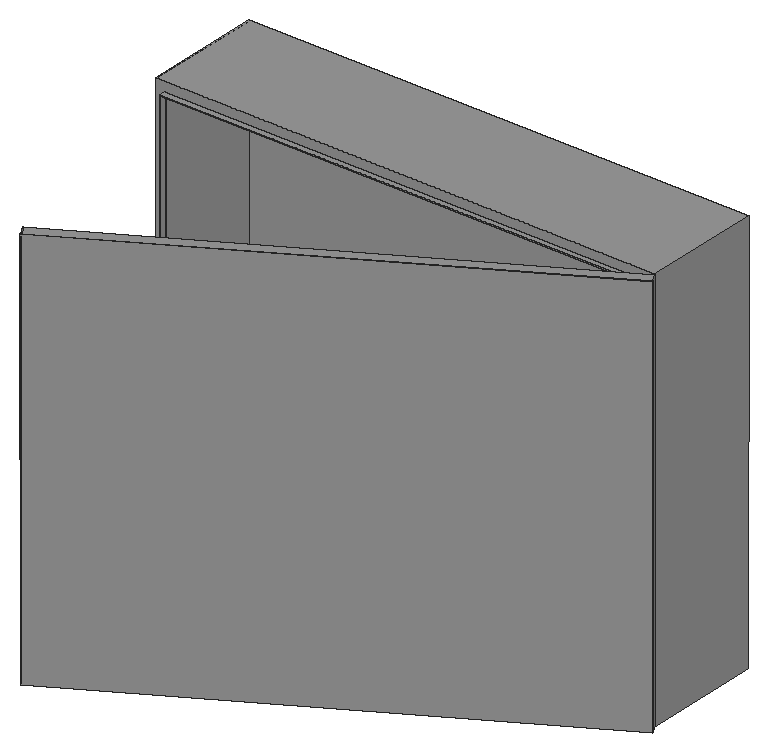
Revit family "Hager-Univers-IP54-D205-H650-Cl.I-Encl-NoHosted-CH-it", category Electrical Equipment, Revit 2020
Family settings
  Panel Configuration = Two Columns, Circuits Across
  Round Connector Dimension = Use Diameter
  Part Type = Panelboard
  Work Plane-Based = Yes
  Always vertical = Yes
  Cut with Voids When Loaded = No
  Shared = No
  Room Calculation Point = No
Parameters (values of type "A parete IP54 L800 A650 P205  - FP43TW2")
  Width Control [instance] = if([EF000008 - Larghezza] > Min Width, [EF000008 - Larghezza], Min Width)  # 800 mm
  Type Comments = [HG000003 - Gamma]  # "Univers"
  Thickness Door [instance] = if([EF009171 - spessore materiale porta/coperchio] > 3 mm, 3 mm, [EF009171 - spessore materiale porta/coperchio])  # 1 mm
  Seal Frame Offset [instance] = 17 mm  # constant formula
  Plinth Visibility [instance] = [HG000027 - Altezza dello zoccolo] > 0 mm  # no
  Min Width [instance] = 100 mm  # constant formula
  Min Depth [instance] = (2 * [EF009170 - spessore materiale scatola]) + 1 mm  # 3 mm
  Min Height [instance] = 100 mm  # constant formula
  Internal Frame Depth [instance] = (Door System Depth * 0.5)  # 9 mm
  Panel Name [instance] = ""  # (empty or 0)
  Model = ""
  HG000027 - Altezza dello zoccolo = 0 mm
  HG000026 - A pavimento = no
  HG000024 - Altezza della sezione inferiore = 600 mm
  HG000023 - Custodia a doppia sezione = no
  HG000016 - Visibilità delle porte nella vista 3D [instance] = yes
  HG000015 - Visibilità attraverso la porta [instance] = no
  HG000014 - Porta destra [instance] = yes
  HG000013 - Porta sinistra [instance] = not([HG000014 - Porta destra])  # no
  HG000012 - Angolo di apertura della porta [instance] = 30.00°
  HG000010 - Porte asimmetriche = no
  HG000009 - Porta doppia a battente = no
  HG000006 - Ad incasso = no
  HG000004 - Codice produttore = "FP43TW2"
  HG000003 - Gamma = "Univers"
  HG000002 - Con porta = yes
  Frame Offset Bottom [instance] = 10 mm  # constant formula
  Frame Offset [instance] = 15 mm  # constant formula
  EF015940 - Coprire con rilascio di sovrapressione = no
  EF011959 - tipo di protezione (NEMA) = ""
  EF009554 - numero delle aperture per la piastra della flangia = 6
  EF009212 - esecuzione coperchio = "EV000116 - chiuso"
  EF009171 - spessore materiale porta/coperchio = 1 mm
  EF009170 - spessore materiale scatola = 1 mm
  EF008873 - corrente nominale (In) = 250 A
  EF007800 - adatto per parafulmine = no
  EF006306 - con serratura = no
  EF006244 - coperchio/porta trasparente = no
  EF005474 - grado di protezione (IP) = "EV006419 - IP54"
  EF004464 - tipo di porta = "EV002646 - singolo"
  EF004427 - numero di moduli = 144
  EF004293 - resistenza agli urti = "EV006815 - IK09"
  EF003532 - adatto per uso esterno = no
  EF002950 - Numero moduli DIN = 36
  EF001613 - Integrità del circuito = "EV000494 - senza"
  EF001596 - Attacco Lampada = "EV000179 - acciaio"
  EF001131 - profondità interna = 205 mm
  EF001088 - possibilità di applicazione = yes
  EF000437 - numero di ingressi per conduttori = 6
  EF000339 - tipo di copertura = "EV001012 - coperchio"
  EF000266 - numero di file = 4
  EF000218 - profondità di incasso = 205 mm
  EF000118 - con piastra di montaggio = no
  EF000116 - numero RAL = "9010"
  EF000049 - profondità = 205 mm
  EF000040 - Altezza = 650 mm
  EF000008 - Larghezza = 800 mm
  EF000007 - colore = "EV000202 - bianco"
  EF000003 - Tipo di montaggio = "EV000384 - A parete"
  Door System Leaf Tolerance [instance] = 1.5 mm  # constant formula
  Door System Depth [instance] = 18 mm  # constant formula
  Door Height [instance] = Height Control - [HG000027 - Altezza dello zoccolo]  # 650 mm
  Description = ""
  Default Elevation = 1219.2 mm
  Connector Offset [instance] = Height Control / 2  # 325 mm
  Manufacturer = "Hager"  # constant formula
  Height Control [instance] = if([EF000040 - Altezza] > Min Height, [EF000040 - Altezza], Min Height)  # 650 mm
  Depth Control [instance] = if([EF000049 - profondità] > Min Depth, [EF000049 - profondità], Min Depth)  # 205 mm
  Bottom Top Plate Trim [instance] = 1.5 mm  # constant formula
  Plinth height Ctrl [instance] = if([HG000027 - Altezza dello zoccolo] > 0 mm, [HG000027 - Altezza dello zoccolo], 12 mm)  # 12 mm
Types (5, lengths in mm): name | Width Control | HG000004 - Codice produttore | EF009554 - numero delle aperture per la piastra della flangia | EF004464 - tipo di porta | EF004427 - numero di moduli | EF002950 - Numero moduli DIN | EF000437 - numero di ingressi per conduttori | EF000008 - Larghezza
  A parete IP54 L1050 A650 P205  - FP44TW2 | 1050 | "FP44TW2" | 8 | "EV003602 - doppio" | 192 | 48 | 8 | 1050
  A parete IP54 L1300 A650 P205  - FP45TW2 | 1300 | "FP45TW2" | 10 | "EV003602 - doppio" | 240 | 60 | 10 | 1300
  A parete IP54 L300 A650 P205  - FP41TW2 | 300 | "FP41TW2" | 2 | "EV002646 - singolo" | 48 | 12 | 2 | 300
  A parete IP54 L550 A650 P205  - FP42TW2 | 550 | "FP42TW2" | 4 | "EV002646 - singolo" | 96 | 24 | 4 | 550
  A parete IP54 L800 A650 P205  - FP43TW2 | 800 | "FP43TW2" | 6 | "EV002646 - singolo" | 144 | 36 | 6 | 800
Reference planes
  plane 1 "Center (Front/Back)": y = 0
  plane 2: z = 0
  plane 3 "Center (Left/Right)": x = 0
  plane 4: y = 0
  plane 5: y = 0
  plane 6: z = 0
  plane 7: x = -400
  plane 8: x = 400
  plane 9: x = 399
  plane 10: x = -399
  plane 11: z = 0
  plane 12: z = 1
  plane 13: y = -205
  plane 14: y = -1
  plane 15: x = 0
  plane 16: y = -187
  plane 17: y = -204
  plane 18: y = -186
  plane 19: x = -384
  plane 20: x = 384
  plane 21: z = 11
  plane 22: x = -383
  plane 23: x = 383
  plane 24: z = 0
  plane 25: z = 650
  plane 26: z = 650
  plane 27: z = 634
  plane 28: z = 649
Forms (mm)
  Extrusion 1, solid, material "Hager_Steel_RAL7035_Light_Grey", detail levels medium+fine
    sketch origin (-208.679, -4572, 0) x (-1, 0, 0) y (0, -1, 0)
      loop
        line (191.321, -4385) -> (-608.679, -4385) -> (-608.679, -4572) -> (191.321, -4572) -> (191.321, -4385)
    from 0 to 650
  Extrusion 2, void
    sketch origin (-350.771, -205, 1219.2) x (1, 0, 0) y (0, 0, 1)
      loop
        line (-48.229, -570.2) -> (-48.229, -1218.2) -> (749.771, -1218.2) -> (749.771, -570.2) -> (-48.229, -570.2)
    from -19 to -204
  Extrusion 3, void
    sketch origin (-290.084, -187, 1219.2) x (1, 0, 0) y (0, 0, 1)
      loop
        line (-93.916, -1208.2) -> (674.084, -1208.2) -> (674.084, -585.2) -> (-93.916, -585.2) -> (-93.916, -1208.2)
    from 0 to -1
  Extrusion 4, solid, material "Hager_Steel_RAL7035_Light_Grey", visible <- "Plinth Visibility", detail levels medium+fine
    sketch origin (0, 0, 0) x (1, 0, 0) y (0, 1, 0)
      loop
        line (-400, 0) -> (-400, -187) -> (400, -187) -> (400, 0) -> (-400, 0)
    from 0 to 12 <- "Plinth height Ctrl"
  Extrusion 5, solid, material "Hager_Steel_RAL7035_Light_Grey", detail levels coarse
    sketch origin (0, 0, 0) x (1, 0, 0) y (0, 1, 0)
      loop
        line (-400, 0) -> (-400, -205) -> (400, -205) -> (400, 0) -> (-400, 0)
    from 0 to 650 <- "Height Control"
  Sweep 6, void
    path in 3D
      loop
        line (-400, -187, 12) -> (400, -187, 12) -> (400, 0, 12) -> (-400, 0, 12) -> (-400, -187, 12)
    profile origin (-400, -93.5, 12) x (1, 0, 0) y (0, 0, 1)
      loop
        line (0, 0) -> (0, -1.5) -> (1.5, -1.5)
        arc (1.5, -1.5) -> (1.061, -0.439) -> (0, 0) r 1.5
  Extrusion 7, solid, material "Hager_Steel_RAL7035_Light_Grey", detail levels fine
    sketch origin (-400, -187, 0) x (1, 0, 0) y (0, 0, 1)
      loop
        line (16, 11) -> (784, 11) -> (784, 634) -> (16, 634) -> (16, 11)
      loop
        line (15, 10) -> (785, 10) -> (785, 635) -> (15, 635) -> (15, 10)
    from 0 to 9 <- "Internal Frame Depth"
Cuts and joins
  Extrusion 2, Extrusion 3 cuts Extrusion 1
  Sweep 6 cuts Extrusion 4
Lines and regions (mm)
  Masking region 1
    outline origin (0, 0, 0) x (1, 0, 0) y (0, 1, 0)
      loop
        line (-400, 0) -> (-400, -205) -> (400, -205) -> (400, 0) -> (-400, 0)
  Masking region 2, detail levels coarse
    outline origin (-290.084, -187, 1219.2) x (-1, 0, 0) y (0, 0, 1)
      loop
        line (-690.084, -1219.2) -> (109.916, -1219.2) -> (109.916, -569.2) -> (-690.084, -569.2) -> (-690.084, -1219.2)
  Masking region 3, detail levels coarse
    outline origin (0, 0, 0) x (0, 1, 0) y (0, 0, 1)
      loop
        line (0, 0) -> (0, 650) -> (-205, 650) -> (-205, 0) -> (0, 0)
  Masking region 4, visible <- "Plinth Visibility", detail levels medium+fine
    outline origin (0, 0, 0) x (0, 1, 0) y (0, 0, 1)
      loop
        line (-1.5, 12) -> (-185.5, 12)
        arc (-185.5, 12) -> (-185.939, 10.939) -> (-187, 10.5) r 1.5
        line (-187, 10.5) -> (-187, 0) -> (0, 0) -> (0, 10.5)
        arc (0, 10.5) -> (-1.061, 10.939) -> (-1.5, 12) r 1.5
  Masking region 5, detail levels medium+fine
    outline origin (0, 0, 594.038) x (0, 1, 0) y (0, 0, 1)
      loop
        line (0, -594.038) -> (0, 55.962) -> (-187, 55.962) -> (-187, -594.038) -> (0, -594.038)
  Masking region 6, detail levels medium+fine
    outline origin (-359.7, -187, 1211.883) x (-1, 0, 0) y (0, 0, 1)
      loop
        line (-759.7, -1211.883) -> (40.3, -1211.883) -> (40.3, -561.883) -> (-759.7, -561.883) -> (-759.7, -1211.883)
  Masking region 7, visible <- "Plinth Visibility", detail levels medium+fine
    outline origin (-320.334, -187, 1041.368) x (-1, 0, 0) y (0, 0, 1)
      loop
        line (-720.334, -1041.368) -> (79.666, -1041.368) -> (79.666, -1030.868)
        arc (79.666, -1030.868) -> (78.606, -1030.429) -> (78.166, -1029.368) r 1.5
        line (78.166, -1029.368) -> (-718.834, -1029.368)
        arc (-718.834, -1029.368) -> (-719.273, -1030.429) -> (-720.334, -1030.868) r 1.5
        line (-720.334, -1030.868) -> (-720.334, -1041.368)
  sketch lines
    curve 1: line (-400, 0, 12) -> (-400, -187, 12)
    curve 2: line (-400, -187, 12) -> (400, -187, 12)
    curve 3: line (400, 0, 12) -> (-400, 0, 12)
    curve 4: line (400, -187, 12) -> (400, 0, 12)
Dimensions and locks
  locked: plane 1 "Center (Front/Back)" to plane 5
  "EF009170 - spessore materiale scatola": plane 7 to plane 10
  "EF009170 - spessore materiale scatola": plane 8 to plane 9
  equal spacing: plane 7, plane 3 "Center (Left/Right)", plane 8
  "Width Control": plane 7 to plane 8
  "Depth Control": plane 4 to plane 13
  "EF009170 - spessore materiale scatola": plane 4 to plane 14
  "Height Control": plane 25 to level
  "HG000027 - Altezza dello zoccolo": plane 11 to level
  "EF009170 - spessore materiale scatola": plane 12 to plane 11
  "EF009170 - spessore materiale scatola": plane 17 to plane 13
  "EF009170 - spessore materiale scatola": plane 18 to plane 16
  "Frame Offset Bottom": plane 21 to plane 12
  "Frame Offset": plane 10 to plane 19
  "Frame Offset": plane 9 to plane 20
  "Door System Depth": plane 16 to plane 13
  "Seal Frame Offset": plane 7 to plane 22
  "Seal Frame Offset": plane 8 to plane 23
  "EF009170 - spessore materiale scatola": plane 26 to plane 28
  "Frame Offset": plane 28 to plane 27
  "Connector Offset": plane 2 to connector elem
  "Bottom Top Plate Trim": profile plane to Sweep 6 sketch curve
  "Bottom Top Plate Trim": Sweep 6 sketch curve to Sweep 6 sketch curve
  "Plinth height Ctrl": Masking region 4 sketch curve to level
  "Plinth height Ctrl": Masking region 7 sketch curve to level
  "Thickness Door": Extrusion 7 sketch curve to Extrusion 7 sketch curve  (x4)
  "Bottom Top Plate Trim": radius of Sweep 6 sketch curve
  "Bottom Top Plate Trim": radius of Masking region 4 sketch curve  (x2)
  "Bottom Top Plate Trim": radius of Masking region 7 sketch curve  (x2)
  aligned and locked: Extrusion 2 sketch curve to plane 12
  aligned and locked: Extrusion 2 sketch curve to plane 9
  aligned and locked: Extrusion 2 sketch curve to plane 10
  aligned and locked: Extrusion 2 to plane 14
  aligned and locked: Extrusion 1 sketch curve to plane 4
  aligned and locked: plane 8 to Extrusion 1 sketch curve
  aligned and locked: plane 7 to Extrusion 1 sketch curve
  aligned and locked: Extrusion 2 to plane 18
  aligned and locked: Extrusion 3 sketch curve to plane 19
  aligned and locked: plane 20 to Extrusion 3 sketch curve
  aligned and locked: Extrusion 3 to Extrusion 2
  aligned and locked: Extrusion 3 sketch curve to plane 21
  aligned and locked: plane 3 "Center (Left/Right)" to nested 1
  aligned and locked: Extrusion 1 sketch curve to plane 16
  aligned and locked: Extrusion 4 sketch curve to cut or joined group of Extrusion 1, Extrusion 2, Extrusion 3
  aligned and locked: Masking region 1 sketch curve to plane 7
  aligned and locked: Masking region 1 sketch curve to plane 5
  aligned and locked: Masking region 1 sketch curve to plane 8
  aligned and locked: Masking region 2 sketch curve to level
  aligned and locked: level to Masking region 3 sketch curve
  aligned and locked: plane 1 "Center (Front/Back)" to Masking region 3 sketch curve
  aligned and locked: plane 13 to Masking region 3 sketch curve
  aligned and locked: plane 5 to Masking region 4 sketch curve
  aligned and locked: Masking region 2 sketch curve to plane 8
  aligned and locked: Masking region 2 sketch curve to plane 7
  aligned and locked: plane 7 to nested 2
  aligned and locked: nested 2 to plane 5
  aligned and locked: plane 5 to Masking region 5 sketch curve
  aligned and locked: plane 26 to Masking region 5 sketch curve
  aligned and locked: Extrusion 5 sketch curve to plane 8
  aligned and locked: Extrusion 5 sketch curve to plane 7
  aligned and locked: Extrusion 5 sketch curve to plane 5
  aligned and locked: Extrusion 3 sketch curve to plane 27
  aligned and locked: Extrusion 2 sketch curve to plane 28
  aligned and locked: Masking region 2 to plane 25
  aligned and locked: Extrusion 4 to plane 16
  aligned and locked: profile plane to Sweep 6 sketch curve
  aligned and locked: Masking region 5 sketch curve to plane 24
  aligned and locked: level to Masking region 4 sketch curve
  aligned and locked: Masking region 1 to plane 13
  aligned and locked: nested 1 to plane 16
  aligned and locked: Masking region 3 to plane 25
  aligned and locked: plane 16 to Masking region 4 sketch curve
  aligned and locked: Masking region 5 sketch curve to plane 16
  aligned and locked: plane 24 to plane 11
  aligned and locked: plane 26 to plane 25
  aligned and locked: plane 26 to cut or joined group of Extrusion 1, Extrusion 2, Extrusion 3
  aligned and locked: nested 1 to plane 24
  aligned and locked: Extrusion 1 to Extrusion 3
  aligned and locked: Masking region 6 sketch curve to plane 8
  aligned and locked: Masking region 6 sketch curve to plane 24
  aligned and locked: Masking region 6 sketch curve to plane 7
  aligned and locked: Masking region 6 sketch curve to plane 26
  aligned and locked: Masking region 7 sketch curve to plane 7
  aligned and locked: level to Masking region 7 sketch curve
  aligned and locked: Masking region 7 sketch curve to plane 8
  aligned and locked: Extrusion 7 sketch curve to cut or joined group of Extrusion 1, Extrusion 2, Extrusion 3  (x4)
Automatic sketch dimensions
  plane 19 to Extrusion 3 sketch curve = 0 mm
  Extrusion 3 sketch curve to plane 20 = 0 mm
  Extrusion 3 sketch curve to plane 21 = 0 mm
  Extrusion 4 sketch curve to plane 7 = 0 mm
  Extrusion 4 sketch curve to plane 8 = 0 mm
  Extrusion 4 sketch curve to plane 16 = 0 mm
  Masking region 1 sketch curve to plane 13 = 0 mm
  Masking region 2 sketch curve to plane 25 = 0 mm
  Masking region 3 sketch curve to plane 25 = 0 mm
  Extrusion 5 sketch curve to plane 13 = 0 mm
  profile plane to Sweep 6 sketch curve = 0 mm
Nested families
  nested 1: "EC000058_Univers_Door" at (0, -187, 0), Double <- "HG000009 - Porta doppia a battente", Transparent <- "EF006244 - coperchio/porta trasparente", Angle <- "HG000012 - Angolo di apertura della porta", Door_Right <- "HG000014 - Porta destra", Assymetrical <- "HG000010 - Porte asimmetriche", Door <- "HG000002 - Con porta", Width_Ctrl <- "Width Control", 3d_Door <- "HG000016 - Visibilità delle porte nella vista 3D", Clearance <- "HG000015 - Visibilità attraverso la porta", Door_Left <- "HG000013 - Porta sinistra", Width <- "Width Control", Door_Depth <- "Door System Depth", Leaf_Tolerance <- "Door System Leaf Tolerance", Height <- "Door Height", Lock_Visibility <- "EF006306 - con serratura", Thickness <- "Thickness Door", type "EC000058_Univers_Door", detail levels medium+fine
    with min_wh 3 mm, Width_Ctrl 800 mm, Width 800 mm, Transparent no, Thickness 1 mm, Seal_Material Hager_Rubber, Lock_Visibility no, Lock_Material Hager_Plastic_RAL9005_Jet_Black, Leaf_Width 800 mm, Leaf_Tolerance_External_Sides 0 mm, Leaf_Tolerance 1.5 mm, Leaf_Offset 0 mm, Leaf_Height 647 mm, Leaf_2_Width 800 mm, Leaf_2_Offset 400 mm, Leaf_1_Width 800 mm, Leaf_1_Offset 400 mm, Height_Ctrl 650 mm, Height 650 mm, Glass_Material Hager_Glass, Double_Clearance_Ctrl no, Double no, Door_Right_Ctrl yes, Door_Right yes, Door_Material Hager_Steel_RAL7035_Light_Grey, Door_Left_Ctrl no, Door_Left no, Door_Depth 18 mm, Door yes, Clearance_Material Hager_Clearance, Clearance_Depth 800 mm, Clearance_Ctrl no, Clearance no, Assymetrical no, Angle 30.00°, 3d_Door yes
  nested 2: "Hager_Enclosure_Symbol" at (-400, 0, 0), Height <- "Depth Control", Width <- "Width Control", type "Hager_Enclosure_Symbol"
    with Width_Ctrl 800 mm, Width 800 mm, Height_Ctrl 205 mm, Height 205 mm, A_Width_Int 13.453 mm, A_Width 161.438 mm, A_Height_Ctrl 179.375 mm, A_Height 179.375 mm
Connectors
  electrical at (0, 0, 325)
    settings: on plane 1 "Center (Front/Back)", index 1, voltage 0 V, apparent load 0 VA, apparent load phase1 0 VA, apparent load phase2 0 VA, apparent load phase3 0 VA, power factor 1, load classification "Other", number of poles 1, system type 30, power factor state 1, is connector primary yes, connector utility no, sub classification motor no, connector description ""
Definition of nested family "EC000058_Univers_Door"
  Parameters (values of type "EC000058_Univers_Door")
    min_wh [instance] = (2 * Thickness) + 1 mm  # 11 mm
    Width_Ctrl [instance] = 400 mm
    Width [instance] = 500 mm
    Transparent [instance] = yes
    Thickness [instance] = 5 mm
    Seal_Material [instance] = none
    Lock_Visibility [instance] = yes
    Lock_Material [instance] = none
    Leaf_Width [instance] = if((Width_Ctrl - 2 * Leaf_Tolerance_External_Sides) > 0 mm, (Width_Ctrl - 2 * Leaf_Tolerance_External_Sides), min_wh)  # 400 mm
    Leaf_Tolerance_External_Sides [instance] = 0 mm  # constant formula
    Leaf_Tolerance [instance] = 1.5 mm
    Leaf_Offset [instance] = 0 mm  # constant formula
    Leaf_Height [instance] = if((Height_Ctrl - 2 * Leaf_Tolerance) > 0 mm, (Height_Ctrl - 2 * Leaf_Tolerance), min_wh)  # 497 mm
    Leaf_2_Width [instance] = if(and(and(Double, Assymetrical), Door_Left), (Leaf_Width / 3) - (Leaf_Tolerance / 2), if(and(and(Double, Assymetrical), Door_Right), (Leaf_Width / 3) * 2 - (Leaf_Tolerance / 2), if(and(Double, not(Assymetrical)), (Leaf_Width / 2) - Leaf_Tolerance, Leaf_Width)))  # 400 mm
    Leaf_2_Offset [instance] = if(and(Double, Assymetrical), Leaf_2_Width / 2, if(and(Double, not(Assymetrical)), Leaf_Width / 4, Leaf_Width / 2))  # 200 mm
    Leaf_1_Width [instance] = if(and(and(Double, Assymetrical), Door_Right), (Leaf_Width / 3) - (Leaf_Tolerance / 2), if(and(and(Double, Assymetrical), Door_Left), (Width / 3) * 2 - (Leaf_Tolerance / 2), if(and(Double, not(Assymetrical)), (Leaf_Width / 2) - Leaf_Tolerance, Leaf_Width)))  # 400 mm
    Leaf_1_Offset [instance] = if(and(Double, Assymetrical), Leaf_1_Width / 2, if(and(Double, not(Assymetrical)), Leaf_Width / 4, Leaf_Width / 2))  # 200 mm
    Height_Ctrl [instance] = if(Height > min_wh, Height, min_wh)  # 500 mm
    Height [instance] = 500 mm
    Glass_Material [instance] = none
    Double_Clearance_Ctrl [instance] = and(Double, Clearance)  # no
    Double [instance] = no
    Door_Right_Ctrl [instance] = and(or(Door_Right, Double), Door)  # yes
    Door_Right [instance] = yes
    Door_Material [instance] = none
    Door_Left_Ctrl [instance] = and(or(Door_Left, Double), Door)  # no
    Door_Left [instance] = no
    Door_Depth [instance] = 30 mm
    Door [instance] = yes
    Default Elevation = 1219.2 mm
    Clearance_Material [instance] = none
    Clearance_Depth [instance] = if(Leaf_1_Width > Leaf_2_Width, Leaf_1_Width, Leaf_2_Width)  # 400 mm
    Clearance_Ctrl [instance] = and(not(Double), Clearance)  # yes
    Clearance [instance] = yes
    Assymetrical [instance] = yes
    Angle [instance] = 30.00°
    3d_Door [instance] = yes
  Reference planes
    plane 1 "Center (Front/Back)": y = 0
    plane 2 "Bottom": z = 0
    plane 3 "Center (Left/Right)": x = 0
    plane 4: z = 500
    plane 5: x = -200
    plane 6: x = 200
    plane 7: z = 500
    plane 8: x = -200
    plane 9: z = 0
    plane 10: x = 200
    plane 11: y = 0
    plane 12: z = 1.5
    plane 13: x = -600
    plane 14: y = -400
    plane 15: x = 600
    plane 16: x = 0
    plane 17: x = 0
    plane 18: x = -200
    plane 19: x = 200
    plane 20: z = 498.5
  Forms (mm)
    Extrusion 1, solid, material <- "Clearance_Material", visible <- "Double_Clearance_Ctrl"
      sketch origin (1200, 0, 0) x (1, 0, 0) y (0, 0, -1)
        loop
          line (-1800, -498.5) -> (-600, -498.5) -> (-600, 0) -> (-1800, 0) -> (-1800, -498.5)
      from 0 to -400
  Dimensions and locks
    equal spacing: plane 5, plane 3 "Center (Left/Right)", plane 6
    "Width_Ctrl": plane 5 to plane 6
    "Leaf_Offset": plane 5 to plane 8
    "Leaf_Offset": plane 6 to plane 10
    "Leaf_Offset": plane 9 to level
    "Leaf_Offset": plane 4 to plane 7
    "Height_Ctrl": plane 4 to level
    "Leaf_Tolerance": plane 12 to plane 9
    locked: plane 11 to plane 1 "Center (Front/Back)"
    "Leaf_1_Offset": plane 18 to plane 16
    "Leaf_2_Offset": plane 17 to plane 19
    "Leaf_1_Width": plane 13 to plane 8
    "Leaf_2_Width": plane 10 to plane 15
    "Clearance_Depth": plane 14 to plane 1 "Center (Front/Back)"
    "Leaf_Tolerance_External_Sides": plane 8 to plane 18
    "Leaf_Tolerance_External_Sides": plane 19 to plane 10
    "Leaf_Tolerance": plane 7 to plane 20
    aligned and locked: level to plane 2 "Bottom"
    aligned and locked: nested 1 to plane 16
    aligned and locked: nested 2 to plane 17
    aligned and locked: Extrusion 1 to plane 13
    aligned and locked: plane 15 to Extrusion 1
    aligned and locked: Extrusion 1 to plane 14
    aligned and locked: plane 12 to nested 1
    aligned and locked: nested 2 to plane 12
    aligned and locked: Extrusion 1 to plane 11
    aligned and locked: plane 20 to Extrusion 1
    aligned and locked: nested 2 to plane 11
    aligned and locked: nested 1 to plane 11
  Automatic sketch dimensions
    Extrusion 1 sketch curve to level = 0 mm
    plane 5 to Extrusion 1 sketch curve = 400 mm
    plane 6 to Extrusion 1 sketch curve = 400 mm
    Extrusion 1 sketch curve to plane 4 = 1.5 mm
  Nested families
    nested 1: "EC000058_Univers_Door_Leaf" at (0, 0, 1.5), Width <- "Leaf_1_Width", visible <- "Door_Left_Ctrl", Leaf_Height <- "Leaf_Height", Angle <- "Angle", 3d_Door <- "3d_Door", Transparent <- "Transparent", Clearance Material <- "Clearance_Material", Clearance <- "Clearance_Ctrl", Door_Material <- "Door_Material", Glass_Material <- "Glass_Material", Door_Depth <- "Door_Depth", Lock_Material <- "Lock_Material", Seal_Material <- "Seal_Material", Lock_Visibility <- "Lock_Visibility", Thickness <- "Thickness", type "EC000058_Univers_Door_Leaf"
      with Width 400 mm, Transparent_Glass_Offset 30 mm, Transparent_Ctrl yes, Transparent yes, Thickness 5 mm, Standard no, Seal_Material none, Seal_D2 8 mm, Seal_D1 1 mm, Offset_Internal_Frame 10 mm, Lock_Width 20 mm, Lock_Visibility_3d yes, Lock_Visibility yes, Lock_Thickness_3 3 mm, Lock_Thickness_2 1 mm, Lock_Thickness_1 3 mm, Lock_Radius_Offset_2 16 mm, Lock_Radius_Offset_1 15 mm, Lock_Radius_2 5 mm, Lock_Radius 6 mm, Lock_Offset 5 mm, Lock_Material none, Lock_Height 80 mm, Lock_Cover_Top_Offset_2d 17 mm, Lock_Cover_Height -65 mm, Leaf_Height 497 mm, Internal_Seal_Thickness 8 mm, Internal_Seal_Depth_2 4.5 mm, Internal_Frame_Depth 25 mm, Glass_Thickness -1 mm, Glass_Offset -2 mm, Glass_Material none, Door_Material none, Door_Depth 30 mm, Clearance Material none, Clearance yes, Angle_Ctrl 30.00°, Angle 30.00°, 3d_Door yes
    nested 2: "EC000058_Univers_Door_Leaf" at (0, 0, 1.5) x (-1, 0, 0) z (0, 0, 1), Width <- "Leaf_2_Width", visible <- "Door_Right_Ctrl", Leaf_Height <- "Leaf_Height", Angle <- "Angle", 3d_Door <- "3d_Door", Transparent <- "Transparent", Clearance Material <- "Clearance_Material", Clearance <- "Clearance_Ctrl", Door_Material <- "Door_Material", Glass_Material <- "Glass_Material", Door_Depth <- "Door_Depth", Lock_Material <- "Lock_Material", Seal_Material <- "Seal_Material", Lock_Visibility <- "Lock_Visibility", Thickness <- "Thickness", type "EC000058_Univers_Door_Leaf"
      with Width 400 mm, Transparent_Glass_Offset 30 mm, Transparent_Ctrl yes, Transparent yes, Thickness 5 mm, Standard no, Seal_Material none, Seal_D2 8 mm, Seal_D1 1 mm, Offset_Internal_Frame 10 mm, Lock_Width 20 mm, Lock_Visibility_3d yes, Lock_Visibility yes, Lock_Thickness_3 3 mm, Lock_Thickness_2 1 mm, Lock_Thickness_1 3 mm, Lock_Radius_Offset_2 16 mm, Lock_Radius_Offset_1 15 mm, Lock_Radius_2 5 mm, Lock_Radius 6 mm, Lock_Offset 5 mm, Lock_Material none, Lock_Height 80 mm, Lock_Cover_Top_Offset_2d 17 mm, Lock_Cover_Height -65 mm, Leaf_Height 497 mm, Internal_Seal_Thickness 8 mm, Internal_Seal_Depth_2 4.5 mm, Internal_Frame_Depth 25 mm, Glass_Thickness -1 mm, Glass_Offset -2 mm, Glass_Material none, Door_Material none, Door_Depth 30 mm, Clearance Material none, Clearance yes, Angle_Ctrl 30.00°, Angle 30.00°, 3d_Door yes
  Definition of nested family "EC000058_Univers_Door_Leaf"
    Parameters (values of type "EC000058_Univers_Door_Leaf")
      Width [instance] = 2000 mm
      Transparent_Glass_Offset [instance] = 30 mm
      Transparent_Ctrl [instance] = and(Transparent, [3d_Door])  # yes
      Transparent [instance] = yes
      Thickness [instance] = 5 mm
      Standard [instance] = and(not(Transparent), [3d_Door])  # no
      Seal_Material [instance] = none
      Seal_D2 [instance] = 8 mm  # constant formula
      Seal_D1 [instance] = 1 mm  # constant formula
      Offset_Internal_Frame [instance] = 10 mm  # constant formula
      Lock_Width [instance] = 20 mm  # constant formula
      Lock_Visibility_3d [instance] = and(Lock_Visibility, [3d_Door])  # yes
      Lock_Visibility [instance] = yes
      Lock_Thickness_3 [instance] = 3 mm  # constant formula
      Lock_Thickness_2 [instance] = 1 mm  # constant formula
      Lock_Thickness_1 [instance] = 3 mm  # constant formula
      Lock_Radius_Offset_2 [instance] = Lock_Radius_Offset_1 + 1 mm  # 16 mm
      Lock_Radius_Offset_1 [instance] = 15 mm  # constant formula
      Lock_Radius_2 [instance] = Lock_Radius - 1 mm  # 5 mm
      Lock_Radius [instance] = 6 mm  # constant formula
      Lock_Offset [instance] = 5 mm  # constant formula
      Lock_Material [instance] = none
      Lock_Height [instance] = 80 mm  # constant formula
      Lock_Cover_Top_Offset_2d [instance] = Lock_Radius_Offset_2 + 1 mm  # 17 mm
      Lock_Cover_Height [instance] = -(Lock_Height - Lock_Radius_Offset_1)  # -65 mm
      Leaf_Height [instance] = 2720.336 mm
      Internal_Seal_Thickness [instance] = 8 mm  # constant formula
      Internal_Seal_Depth_2 [instance] = 4.5 mm  # constant formula
      Internal_Frame_Depth [instance] = if(Door_Depth - Thickness > 5 mm, Door_Depth - Thickness, 5 mm)  # 25 mm
      Glass_Thickness [instance] = if(Thickness > 15 mm, Glass_Offset + 10 mm, -1 mm)  # -1 mm
      Glass_Offset [instance] = if(Thickness > 15 mm, -(Thickness + 10 mm) / 2, -2 mm)  # -2 mm
      Glass_Material [instance] = none
      Door_Material [instance] = none
      Door_Depth [instance] = 30 mm
      Default Elevation = 0 mm
      Clearance Material [instance] = none
      Clearance [instance] = yes
      Angle_Ctrl [instance] = if(Angle > 180.00°, 180.00°, Angle)  # 90.00°
      Angle [instance] = 90.00°
      3d_Door [instance] = yes
    Reference planes
      plane 1 "Center (Front/Back)": y = 0
      plane 2: z = 0
      plane 3 "Center (Left/Right)": x = 0
      plane 4: y = 2000
      plane 5: x = -1000
      plane 6: x = 1000
      plane 7: x = -3000
      plane 8: z = 2720.336
      plane 9: z = 30
      plane 10: z = 2690.336
      plane 11: x = 970
      plane 12: x = -970
      plane 13: y = -3
      plane 14: z = 107.833
      plane 15: y = -5
      plane 16: y = -223.314
      plane 17: x = -1000
      plane 18: z = 1360.168
      plane 19: y = 30
    Forms (mm)
      Extrusion 1, solid, material <- "Clearance Material", visible <- "Clearance"
        sketch origin (0, 0, 0) x (1, 0, 0) y (0, 0, 1)
          loop
            line (-3000, 2720.336) -> (-3000, 0) -> (1000, 0) -> (1000, 2720.336) -> (-3000, 2720.336)
        from 0 to -2000
      Extrusion 2, solid, material <- "Door_Material", visible <- "Standard", detail levels medium+fine
        sketch origin (-1000, 0, 0) x (0, 1, 0) y (-1, 0, 0)
          loop
            line (0, 30) -> (0, 25) -> (2000, 25) -> (2000, 30) -> (0, 30)
        from 0 to 2720.336 <- "Leaf_Height"
      Extrusion 3, solid, material <- "Door_Material", visible <- "Transparent_Ctrl", detail levels medium+fine
        sketch origin (-1000, 0, 0) x (0, 1, 0) y (-1, 0, 0)
          loop
            line (0, 25) -> (2000, 25) -> (2000, 30) -> (0, 30) -> (0, 25)
        from 0 to 2720.336 <- "Leaf_Height"
      Extrusion 4, void
        sketch origin (-1025, 2000, 0) x (0, 1, 0) y (0, 0, -1)
          loop
            line (-30, -2690.336) -> (-30, -30) -> (-1970, -30) -> (-1970, -2690.336) -> (-30, -2690.336)
        from 0 to 5 <- "Thickness"
      Sweep 5, solid, material <- "Seal_Material", visible <- "Transparent_Ctrl", detail levels fine
        path in 3D
          loop
            line (-1025, 30, 30) -> (-1025, 30, 2690.336) -> (-1025, 1970, 2690.336) -> (-1025, 1970, 30) -> (-1025, 30, 30)
        profile origin (-1025, 1000, 30) x (1, 0, 0) y (0, 0, 1)
          loop
            line (0, 0) -> (0, -8) -> (1, -8) -> (1, 0) -> (0, 0)
      Extrusion 6, solid, material <- "Glass_Material", visible <- "Transparent_Ctrl", detail levels medium+fine
        sketch origin (-1030, 0, 0) x (0, 1, 0) y (0, 0, -1)
          loop
            line (1970, -2690.336) -> (1970, -30) -> (30, -30) -> (30, -2690.336) -> (1970, -2690.336)
        from -2 <- "Glass_Offset" to -1 <- "Glass_Thickness"
      Extrusion 7, solid, material <- "Door_Material", visible <- "3d_Door", detail levels medium+fine
        sketch origin (-1025, 2000, 0) x (0, -1, 0) y (0, 0, -1)
          loop
            line (0, -2720.336) -> (2000, -2720.336) -> (2000, 0) -> (0, 0) -> (0, -2720.336)
          loop
            line (1995, -5) -> (5, -5) -> (5, -2715.336) -> (1995, -2715.336) -> (1995, -5)
        from 0 to 25 <- "Internal_Frame_Depth"
      Sweep 8, solid, material <- "Seal_Material", visible <- "Transparent_Ctrl", detail levels fine
        path in 3D
          loop
            line (-1025, 0, 0) -> (-1025, 2000, 0) -> (-1025, 2000, 2720.336) -> (-1025, 0, 2720.336) -> (-1025, 0, 0)
        profile origin (-1025, 0, 1360.168) x (1, 0, 0) y (0, 1, 0)
          loop
            line (0, 10) -> (2.975, 10)
            arc (2.975, 10) -> (4.053, 10.447) -> (4.5, 11.525) r 1.525
            line (4.5, 11.525) -> (4.5, 16.527)
            arc (4.5, 16.527) -> (4.069, 17.569) -> (3.027, 18) r 1.473
            line (3.027, 18) -> (0, 18) -> (0, 10)
      Extrusion 9, solid, material <- "Lock_Material", visible <- "Lock_Visibility_3d", detail levels fine
        sketch origin (-1030, 0, 0) x (0, 1, 0) y (0, 0, -1)
          loop
            arc (1993.5, -1400.168) -> (1994.561, -1399.729) -> (1995, -1398.668) r 1.5
            line (1995, -1398.668) -> (1995, -1320.168) -> (1975, -1320.168) -> (1975, -1398.668)
            arc (1975, -1398.668) -> (1975.439, -1399.729) -> (1976.5, -1400.168) r 1.5
            line (1976.5, -1400.168) -> (1993.5, -1400.168)
        from 3 <- "Lock_Thickness_1" to 0
      Blend 10, solid, material <- "Lock_Material", visible <- "Lock_Visibility_3d", detail levels fine
        base sketch origin (-1033, 0, 0) x (0, 1, 0) y (0, 0, -1)
          loop
            line (1975, -1320.168) -> (1975, -1398.668)
            arc (1975, -1398.668) -> (1975.439, -1399.729) -> (1976.5, -1400.168) r 1.5
            line (1976.5, -1400.168) -> (1993.5, -1400.168)
            arc (1993.5, -1400.168) -> (1994.561, -1399.729) -> (1995, -1398.668) r 1.5
            line (1995, -1398.668) -> (1995, -1320.168) -> (1975, -1320.168)
        top sketch origin (-1033, 0, 0) x (0, 1, 0) y (0, 0, -1)
          loop
            line (1976, -1320.168) -> (1976, -1398.668)
            arc (1976, -1398.668) -> (1976.146, -1399.022) -> (1976.5, -1399.168) r 0.5
            line (1976.5, -1399.168) -> (1993.5, -1399.168)
            arc (1993.5, -1399.168) -> (1993.854, -1399.022) -> (1994, -1398.668) r 0.5
            line (1994, -1398.668) -> (1994, -1320.168) -> (1976, -1320.168)
        from 0 to 1 <- "Lock_Thickness_2"
      Blend 11, solid, material <- "Lock_Material", visible <- "Lock_Visibility_3d", detail levels fine
        base sketch origin (-1034, 0, 0) x (0, 1, 0) y (0, 0, -1)
          loop
            line (1978, -1320.168) -> (1978, -1384.168)
            arc (1978, -1384.168) -> (1985, -1391.168) -> (1992, -1384.168) r 7
            line (1992, -1384.168) -> (1992, -1320.168) -> (1978, -1320.168)
        top sketch origin (-1034, 0, 0) x (0, 1, 0) y (0, 0, -1)
          loop
            line (1991, -1320.168) -> (1979, -1320.168) -> (1979, -1383.168)
            arc (1979, -1383.168) -> (1985, -1389.168) -> (1991, -1383.168) r 6
            line (1991, -1383.168) -> (1991, -1320.168)
        from 0 to 3 <- "Lock_Thickness_3"
      Extrusion 12, solid, material <- "Lock_Material", visible <- "Lock_Visibility_3d", detail levels fine
        sketch origin (-1030, 1975, 1320.168) x (1, 0, 0) y (0, -1, 0)
          loop
            line (-7, -19) -> (-7, -1) -> (0, -1) -> (0, 0) -> (-8, 0) -> (-8, -20) -> (0, -20) -> (0, -19) -> (-7, -19)
        from 0 to -65 <- "Lock_Cover_Height"
      Extrusion 13, void
        sketch origin (-1038, 1995, 1320.168) x (-1, 0, 0) y (0, 0, -1)
          loop
            line (-5, -65) -> (0, -65) -> (-5, -60) -> (-5, -65)
        from 0 to 20 <- "Lock_Width"
      Extrusion 14, void
        sketch origin (-1038, 1975, 1320.168) x (0, -1, 0) y (0, 0, -1)
          loop
            circle (-10, -15.995) r 6
          loop
            circle (-10, -15.995) r 5
        from 0 to 2
      Extrusion 15, solid, material <- "Lock_Material", visible <- "Lock_Visibility_3d", detail levels medium
        sketch origin (-1030, 0, 0) x (0, 1, 0) y (0, 0, -1)
          loop
            arc (1993.5, -1400.168) -> (1994.561, -1399.729) -> (1995, -1398.668) r 1.5
            line (1995, -1398.668) -> (1995, -1320.168) -> (1975, -1320.168) -> (1975, -1398.668)
            arc (1975, -1398.668) -> (1975.439, -1399.729) -> (1976.5, -1400.168) r 1.5
            line (1976.5, -1400.168) -> (1993.5, -1400.168)
        from 8 to 0
    Cuts and joins
      Extrusion 4 cuts Extrusion 3
      Extrusion 13, Extrusion 14 cuts Extrusion 9
      Extrusion 14 cuts Blend 11
      Extrusion 13, Extrusion 14 cuts Extrusion 12
      joined: Extrusion 9, Blend 10, Blend 11, Extrusion 12
      Extrusion 14 cuts Extrusion 15
    Lines and regions (mm)
      Masking region 1, visible <- "Lock_Visibility", detail levels fine
        outline origin (0, 0, 0) x (0, 1, 0) y (0, 0, 1)
          loop
            line (30, 1320.168) -> (33, 1320.168) -> (33, 1400.168) -> (30, 1400.168) -> (30, 1320.168)
      Masking region 2, visible <- "Lock_Visibility", detail levels fine
        outline origin (0, 3.143, 0) x (0, 1, 0) y (0, 0, 1)
          loop
            line (29.857, 1354.168) -> (30.857, 1354.168) -> (30.857, 1366.168) -> (29.857, 1366.168) -> (29.857, 1354.168)
      Masking region 3, detail levels medium+fine
        outline origin (0, 0, 0) x (0, 1, 0) y (0, 0, 1)
          loop
            line (0, 0) -> (30, 0) -> (30, 2720.336) -> (0, 2720.336) -> (0, 0)
      Masking region 4, detail levels medium+fine
        outline origin (0, 0, 0) x (1, 0, 0) y (0, 0, 1)
          loop
            line (-1000, 2720.336) -> (-1000, 0) -> (1000, 0) -> (1000, 2720.336) -> (-1000, 2720.336)
      Masking region 5, visible <- "Lock_Visibility", detail levels fine
        outline origin (-47.116, 0, 0) x (1, 0, 0) y (0, 0, 1)
          loop
            arc (1024.616, 1399.168) -> (1023.556, 1398.729) -> (1023.116, 1397.668) r 1.5
            line (1023.116, 1397.668) -> (1023.116, 1320.168) -> (1041.116, 1320.168) -> (1041.116, 1397.668)
            arc (1041.116, 1397.668) -> (1040.677, 1398.729) -> (1039.616, 1399.168) r 1.5
            line (1039.616, 1399.168) -> (1024.616, 1399.168)
      Masking region 6, visible <- "Lock_Visibility", detail levels medium+fine
        outline origin (-25, 0, 0) x (1, 0, 0) y (0, 0, 1)
          loop
            arc (1001.5, 1400.168) -> (1000.439, 1399.729) -> (1000, 1398.668) r 1.5
            line (1000, 1398.668) -> (1000, 1320.168) -> (1020, 1320.168) -> (1020, 1398.668)
            arc (1020, 1398.668) -> (1019.561, 1399.729) -> (1018.5, 1400.168) r 1.5
            line (1018.5, 1400.168) -> (1001.5, 1400.168)
      Masking region 7, visible <- "Lock_Visibility", detail levels fine
        outline origin (-73.735, 0, 0) x (1, 0, 0) y (0, 0, 1)
          loop
            line (1051.735, 1382.168) -> (1065.735, 1382.168) -> (1065.735, 1384.168)
            arc (1065.735, 1384.168) -> (1058.735, 1391.168) -> (1051.735, 1384.168) r 7
            line (1051.735, 1384.168) -> (1051.735, 1382.168)
      Masking region 8, visible <- "Lock_Visibility", detail levels fine
        outline origin (-73.735, 0, 0) x (1, 0, 0) y (0, 0, 1)
          loop
            line (1052.735, 1382.168) -> (1064.735, 1382.168) -> (1064.735, 1383.168)
            arc (1064.735, 1383.168) -> (1058.735, 1389.168) -> (1052.735, 1383.168) r 6
            line (1052.735, 1383.168) -> (1052.735, 1382.168)
      Masking region 9, visible <- "Lock_Visibility", detail levels fine
        outline origin (-25, 0, 0) x (1, 0, 0) y (0, 0, 1)
          loop
            line (1020, 1320.168) -> (1020, 1382.168) -> (1000, 1382.168) -> (1000, 1320.168) -> (1020, 1320.168)
      Masking region 10, detail levels medium+fine
        outline origin (0, 0, 0) x (1, 0, 0) y (0, 0, 1)
          loop
            circle (985, 1335.144) r 6
      Masking region 11, detail levels fine
        outline origin (0, 0, 0) x (1, 0, 0) y (0, 0, 1)
          loop
            circle (985, 1335.144) r 5
      Masking region 12, visible <- "Lock_Visibility", detail levels fine
        outline origin (0, 12.767, 0) x (0, 1, 0) y (0, 0, 1)
          loop
            line (20.233, 1320.168) -> (21.233, 1320.168) -> (21.233, 1399.168) -> (20.233, 1400.168) -> (20.233, 1320.168)
      Masking region 13, visible <- "Lock_Visibility", detail levels fine
        outline origin (0, 13.767, -10) x (0, 1, 0) y (0, 0, 1)
          loop
            line (20.233, 1330.168) -> (23.233, 1330.168) -> (23.233, 1399.168) -> (20.233, 1402.168) -> (20.233, 1330.168)
      Masking region 14, visible <- "Lock_Visibility", detail levels fine
        outline origin (0, 12.767, -10) x (0, 1, 0) y (0, 0, 1)
          loop
            line (20.233, 1330.168) -> (25.233, 1330.168) -> (25.233, 1399.305) -> (20.233, 1394.305) -> (20.233, 1330.168)
      Masking region 15, visible <- "Lock_Visibility", detail levels medium
        outline origin (0, 0, 0) x (0, 1, 0) y (0, 0, 1)
          loop
            line (30, 1320.168) -> (38, 1320.168) -> (38, 1400.168) -> (30, 1400.168) -> (30, 1320.168)
      Masking region 16, visible <- "Lock_Visibility", detail levels fine
        outline origin (-1000, 0, 0) x (0, 1, 0) y (-1, 0, 0)
          loop
            line (1975, 30) -> (1995, 30) -> (1995, 38) -> (1975, 38) -> (1975, 30)
          loop
            line (1979, 37) -> (1976, 37) -> (1976, 34) -> (1978, 34) -> (1979, 37)
          loop
            line (1994, 37) -> (1991, 37) -> (1992, 34) -> (1994, 34) -> (1994, 37)
      Masking region 17, visible <- "Lock_Visibility", detail levels medium
        outline origin (-1000, 0, 0) x (0, 1, 0) y (-1, 0, 0)
          loop
            line (1975, 30) -> (1995, 30) -> (1995, 38) -> (1975, 38) -> (1975, 30)
      symbolic lines
        curve 1: line (1000, 0, 0) -> (-3000, 0, 0)
        curve 2: arc (1000, 0, 0) -> (-1000, 2000, 0) -> (-3000, 0, 0) r 2000
        curve 4: line (-1030, 0, 0) -> (-1030, 2000, 0)
      reference lines
        curve 3: line (-1000, 0, 0) -> (-1000, 2000, 0)
      symbolic lines, detail levels medium+fine
        curve 5: line (-1030, 2000, 0) -> (-1025, 2000, 0)
        curve 7: line (-1025, 0, 0) -> (-1030, 0, 0)
        curve 8: line (-1025, 0, 0) -> (-1000, 0, 0)
        curve 9: line (-1000, 0, 0) -> (-1000, 2000, 0)
        curve 10: line (-1000, 2000, 0) -> (-1025, 2000, 0)
      symbolic lines, detail levels fine
        curve 6: line (-1025, 2000, 0) -> (-1025, 0, 0)
      sketch lines
        curve 11: line (-1025, 0, 2720.336) -> (-1025, 0, 0)
        curve 12: line (-1025, 2000, 0) -> (-1025, 0, 0)
        curve 13: line (-1025, 2000, 2720.336) -> (-1025, 2000, 0)
        curve 14: line (-1025, 0, 2720.336) -> (-1025, 2000, 2720.336)
        curve 15: line (-1025, 1970, 30) -> (-1025, 30, 30)
        curve 16: line (-1025, 30, 30) -> (-1025, 30, 2690.336)
        curve 17: line (-1025, 1970, 2690.336) -> (-1025, 1970, 30)
        curve 18: line (-1025, 30, 2690.336) -> (-1025, 1970, 2690.336)
      symbolic lines, visible <- "Transparent", detail levels medium+fine
        curve 19: line (-970, 0, 2690.336) -> (970, 0, 2690.336)
        curve 20: line (-970, 0, 30) -> (-970, 0, 2690.336)
        curve 21: line (970, 0, 30) -> (-970, 0, 30)
        curve 22: line (970, 0, 2690.336) -> (970, 0, 30)
    Dimensions and locks
      "Width": plane 1 "Center (Front/Back)" to plane 4
      equal spacing: plane 5, plane 3 "Center (Left/Right)", plane 6
      "Width": plane 5 to plane 6
      "Width": plane 7 to plane 5
      "Leaf_Height": plane 8 to level
      "Width": curve 5 to curve 3
      "Width": curve 3 to curve 3
      plane 8 to plane 10 = 30 mm
      plane 9 to level = 30 mm
      plane 12 to plane 5 = 30 mm
      plane 6 to plane 11 = 30 mm
      Extrusion 1 to Extrusion 4 sketch curve = 30 mm
      "Transparent_Glass_Offset": curve 3 to Extrusion 4 sketch curve
      "Transparent_Glass_Offset": Extrusion 4 sketch curve to cut or joined group of Extrusion 3, Extrusion 4  (x2)
      cut or joined group of Extrusion 3, Extrusion 4 to Extrusion 6 sketch curve = 30 mm
      "Transparent_Glass_Offset": cut or joined group of Extrusion 3, Extrusion 4 to Extrusion 4 sketch curve
      "Thickness": curve 6 to curve 4
      "Thickness": Extrusion 7 sketch curve to Extrusion 7 sketch curve  (x4)
      "Door_Depth": curve 4 to curve 3
      "Offset_Internal_Frame": profile plane to Sweep 8 sketch curve
      "Internal_Seal_Thickness": Sweep 8 sketch curve to Sweep 8 sketch curve
      "Internal_Seal_Depth_2": profile plane to Sweep 8 sketch curve
      "Seal_D1": profile plane to Sweep 5 sketch curve
      "Seal_D2": profile plane to Sweep 5 sketch curve
      "Thickness": Extrusion 2 sketch curve to Extrusion 2 sketch curve
      equal spacing: Extrusion 9 sketch curve, plane 18, Extrusion 9 sketch curve  (x2)
      equal spacing: Masking region 1 sketch curve, plane 18, Masking region 1 sketch curve
      "Lock_Height": Masking region 1 sketch curve to Masking region 1 sketch curve
      "Lock_Radius": Masking region 2 sketch curve to plane 18 to Masking region 2 sketch curve
      Masking region 2 sketch curve to Masking region 1 = 1 mm
      "Door_Depth": plane 19 to plane 1 "Center (Front/Back)"
      "Lock_Thickness_1": Masking region 1 sketch curve to plane 19
      "Lock_Width": Extrusion 9 sketch curve to Extrusion 9 sketch curve
      "Lock_Height": Extrusion 9 sketch curve to Extrusion 9 sketch curve
      "Lock_Offset": cut or joined group of Extrusion 3, Extrusion 4 to Extrusion 9 sketch curve
      equal spacing: plane 8, plane 18, level
      "Lock_Radius_Offset_1": Blend 11 sketch curve to Blend 10
      locked: Blend 10 to Blend 11 sketch curve at 2  (x2)
      locked: var sketch to Blend 11 sketch curve at 1  (x2)
      "Lock_Radius_Offset_2": Blend 11 sketch curve to Blend 10
      locked: Extrusion 12 sketch curve to Extrusion 12 sketch curve at 1  (x3)
      Masking region 6 sketch curve to Masking region 6 sketch curve = 80 mm
      "Lock_Height": Masking region 6 sketch curve to Masking region 6 sketch curve
      "Lock_Width": Masking region 6 sketch curve to Masking region 6 sketch curve
      locked: Masking region 6 to Masking region 5 sketch curve at 1  (x3)
      locked: Masking region 5 to Masking region 7 sketch curve at 2  (x2)
      "Lock_Radius_Offset_1": Masking region 5 to Masking region 7 sketch curve
      "Lock_Radius_Offset_2": Masking region 5 to Masking region 8 sketch curve
      locked: Masking region 7 to Masking region 8 sketch curve at 1  (x2)
      "Lock_Cover_Top_Offset_2d": Masking region 5 to Masking region 9 sketch curve
      equal spacing: Masking region 9, Masking region 10 sketch curve, Masking region 9
      equal spacing: Masking region 9, Masking region 11 sketch curve, Masking region 9
      Extrusion 15 sketch curve to Extrusion 15 sketch curve = 80 mm
      "Lock_Width": Extrusion 15 sketch curve to Extrusion 15 sketch curve
      "Lock_Height": Extrusion 15 sketch curve to Extrusion 15 sketch curve
      equal spacing: Extrusion 15 sketch curve, plane 18, Extrusion 15 sketch curve
      "Lock_Thickness_3": Masking region 13 sketch curve to Masking region 13 sketch curve
      "Lock_Height": Masking region 12 sketch curve to Masking region 12 sketch curve
      locked: Masking region 13 sketch curve to Masking region 1 at 8
      locked: Masking region 14 sketch curve to Masking region 13 at 1
      locked: Masking region 14 sketch curve to Masking region 1 at 10.863
      "Lock_Height": Masking region 15 sketch curve to Masking region 15 sketch curve
      "Lock_Offset": Extrusion 15 sketch curve to cut or joined group of Extrusion 3, Extrusion 4
      "Lock_Offset": plane 6 to Masking region 6 sketch curve
      radius of Sweep 8 sketch curve = 1.525 mm
      radius of Sweep 8 sketch curve = 1.473 mm
      radius of Extrusion 9 sketch curve = 1.5 mm  (x2)
      "Lock_Radius": radius of Extrusion 14 sketch curve
      "Lock_Radius_2": radius of Extrusion 14 sketch curve
      "Lock_Radius": radius of Masking region 10 sketch curve
      "Lock_Radius_2": radius of Masking region 11 sketch curve
      radius of Extrusion 15 sketch curve = 1.5 mm  (x2)
      "Angle_Ctrl": angle plane 1 "Center (Front/Back)" to curve 3
      locked: Masking region 12 sketch curve to Masking region 12 sketch curve (angle 45.00°)
      locked: Masking region 13 sketch curve to Masking region 13 sketch curve (angle 45.00°)
      locked: Masking region 14 sketch curve to Masking region 14 sketch curve (angle 45.00°)
      aligned and locked: level to plane 2
      aligned and locked: Extrusion 1 to curve 1
      aligned and locked: plane 6 to Extrusion 1
      aligned and locked: Extrusion 1 to plane 1 "Center (Front/Back)"
      aligned and locked: plane 4 to Extrusion 1
      aligned and locked: plane 8 to Extrusion 1
      aligned and locked: curve 7 to Extrusion 2 sketch curve
      aligned and locked: curve 5 to Extrusion 2 sketch curve
      aligned and locked: curve 7 to Extrusion 3 sketch curve
      aligned and locked: Extrusion 3 sketch curve to curve 4
      aligned and locked: Extrusion 3 sketch curve to curve 6
      aligned and locked: Extrusion 3 sketch curve to curve 5
      aligned and locked: curve 9 to curve 3
      aligned and locked: Extrusion 7 sketch curve to cut or joined group of Extrusion 3, Extrusion 4  (x4)
      aligned and locked: plane 17 to curve 3
      aligned and locked: plane 1 "Center (Front/Back)" to curve 3
      aligned and locked: plane 17 to plane 5
      aligned and locked: Sweep 8 sketch curve to profile plane
      aligned and locked: Sweep 5 sketch curve to profile plane  (x2)
      aligned and locked: Masking region 1 to Masking region 2 sketch curve
      aligned and locked: plane 19 to Masking region 1 sketch curve
      aligned and locked: plane 1 "Center (Front/Back)" to Masking region 3 sketch curve
      aligned and locked: plane 19 to Masking region 3 sketch curve
      aligned and locked: level to Masking region 3 sketch curve
      aligned and locked: Masking region 3 sketch curve to plane 8
      aligned and locked: plane 17 to Masking region 4 sketch curve
      aligned and locked: level to Masking region 4 sketch curve
      aligned and locked: Masking region 4 sketch curve to plane 8
      aligned and locked: plane 12 to curve 20
      aligned and locked: plane 10 to curve 19
      aligned and locked: plane 11 to curve 22
      aligned and locked: curve 21 to plane 9
      aligned and locked: Extrusion 2 sketch curve to cut or joined group of Extrusion 3, Extrusion 4
      aligned and locked: Blend 10 sketch curve to Extrusion 9  (x4)
      aligned and locked: Extrusion 9 to Blend 10 sketch curve
      aligned and locked: Blend 10 to Blend 11 sketch curve
      aligned and locked: Extrusion 12 sketch curve to Blend 11
      aligned and locked: Extrusion 12 sketch curve to Extrusion 9  (x4)
      aligned and locked: Masking region 5 sketch curve to Masking region 6
      aligned and locked: Masking region 9 sketch curve to Masking region 6  (x3)
      aligned and locked: Masking region 12 sketch curve to Masking region 1
      aligned and locked: Masking region 13 sketch curve to Masking region 1
      aligned and locked: Masking region 12 to Masking region 14
      aligned and locked: Masking region 14 sketch curve to Masking region 1
      aligned and locked: Masking region 15 sketch curve to Masking region 14
      aligned and locked: Masking region 13 sketch curve to Masking region 12
      aligned and locked: Masking region 16 sketch curve to cut or joined group of Extrusion 14, Extrusion 15  (x4)
      aligned and locked: Masking region 16 sketch curve to cut or joined group of Extrusion 9, Blend 10, Blend 11, Extrusion 12, Extrusion 13, Extrusion 14  (x6)
      aligned and locked: cut or joined group of Extrusion 9, Blend 10, Blend 11, Extrusion 12, Extrusion 13, Extrusion 14 to Masking region 16 sketch curve
      aligned and locked: Masking region 17 sketch curve to cut or joined group of Extrusion 14, Extrusion 15  (x3)
      aligned and locked: Masking region 17 sketch curve to cut or joined group of Extrusion 9, Blend 10, Blend 11, Extrusion 12, Extrusion 13, Extrusion 14
      aligned and locked: Masking region 9 to Masking region 8 sketch curve
      aligned and locked: Masking region 9 to Masking region 7 sketch curve
    Automatic sketch dimensions
      plane 1 "Center (Front/Back)" to curve 2 = 0 mm
      curve 2 to plane 5 = 0 mm
      Extrusion 1 sketch curve to level = 0 mm
      Extrusion 1 sketch curve to plane 7 = 0 mm
      Extrusion 1 sketch curve to plane 6 = 0 mm
      Extrusion 1 sketch curve to plane 8 = 0 mm
      Extrusion 3 to Extrusion 6 sketch curve = 30 mm  (x4)
      Masking region 4 sketch curve to plane 6 = 0 mm
      Blend 10 sketch curve to Extrusion 9 = 1.5 mm
      Blend 10 sketch curve to Extrusion 9 = 1 mm
      Extrusion 13 sketch curve to Extrusion 12 = 0 mm  (x2)
      Extrusion 12 to Extrusion 13 sketch curve = 3 mm
      Extrusion 13 sketch curve to Extrusion 12 = 5 mm
      Extrusion 14 sketch curve to Extrusion 14 sketch curve = 0 mm  (x2)
      Extrusion 14 sketch curve to Extrusion 12 = 10 mm
      Extrusion 14 sketch curve to Extrusion 12 = 15.995 mm
      Masking region 5 sketch curve to Masking region 5 sketch curve = 1.5 mm  (x2)
      Masking region 10 sketch curve to plane 18 = 25.024 mm
      Masking region 11 sketch curve to plane 18 = 25.024 mm
      plane 19 to Masking region 14 sketch curve = 3 mm
      Masking region 16 sketch curve to Masking region 16 sketch curve = 3 mm
      curve 4 to curve 3 = 0 mm
      Blend 10 to Blend 11 sketch curve = 0 mm
      Masking region 6 sketch curve to Masking region 6 sketch curve = 1.5 mm  (x2)
      Masking region 6 sketch curve to plane 18 = 40 mm
      plane 19 to Masking region 12 sketch curve = 3 mm
      Masking region 12 sketch curve to Masking region 12 sketch curve = 1 mm
      Masking region 15 sketch curve to plane 19 = 0 mm
      Masking region 15 sketch curve to plane 18 = 40 mm
      radius of Blend 10 sketch curve to Extrusion 9 = 1 mm
Definition of nested family "Hager_Enclosure_Symbol"
  Parameters (values of type "Hager_Enclosure_Symbol")
    Width_Ctrl [instance] = if(Width > 1 mm, Width, 1 mm)  # 102.27 mm
    Width [instance] = 102.27 mm
    Height_Ctrl [instance] = if(Height > 1 mm, Height, 1 mm)  # 66.5 mm
    A_Width_Int [instance] = if(A_Width / 12 > 2 mm, A_Width / 12, 2 mm)  # 4.364 mm
    A_Width [instance] = if(A_Height_Ctrl * 0.9 > 2 mm, A_Height_Ctrl * 0.9, 2 mm)  # 52.369 mm
    A_Height_Ctrl [instance] = if(A_Height > 2 mm, A_Height, 2 mm)  # 58.188 mm
    Height [instance] = 66.5 mm
    A_Height [instance] = Height - (Height / 8)  # 58.188 mm
  Reference planes
    plane 1 "Centre (avant/arrière)": y = 0
    plane 2: z = 0
    plane 3 "Centre (gauche/droite)": x = 0
    plane 4: x = 52.369
    plane 5: y = 33.042
    plane 6: y = 41.77
    plane 7: y = 66.5
    plane 8: x = 26.184
    plane 9: y = 37.406
    plane 10: x = 102.27
    plane 11: y = 66.5
    plane 12: y = 8.313
  Lines and regions (mm)
    Filled region 1, type "Solid_Black", in view "Niveau de réf."
      outline origin (0, 0, 0) x (1, 0, 0) y (0, 1, 0)
        loop
          line (52.369, 66.5) -> (33.188, 54.536) -> (45.365, 45.006) -> (52.369, 66.5)
    Filled region 2, type "Solid_Black", in view "Niveau de réf."
      outline origin (0, 0, 0) x (1, 0, 0) y (0, 1, 0)
        loop
          line (0, 0) -> (102.27, 0) -> (102.27, 66.5) -> (0, 0)
    detail lines, in view "Niveau de réf."
      curve 1: line (0, 8.313, 0) -> (26.184, 41.77, 0)
      curve 2: line (26.184, 41.77, 0) -> (26.184, 33.042, 0)
      curve 3: line (26.184, 33.042, 0) -> (52.369, 66.5, 0)
  Dimensions and locks
    "A_Width": plane 3 "Centre (gauche/droite)" to plane 4
    equal spacing: plane 3 "Centre (gauche/droite)", plane 8, plane 4
    equal spacing: plane 6, plane 9, plane 5
    equal spacing: curve 3, Filled region 1 sketch curve, Filled region 1 sketch curve
    "Height_Ctrl": plane 1 "Centre (avant/arrière)" to plane 11
    "A_Height_Ctrl": plane 11 to plane 12
    equal spacing: plane 11, plane 9, plane 12
    "A_Width_Int": plane 6 to plane 9
    "Width_Ctrl": plane 3 "Centre (gauche/droite)" to plane 10
    angle Filled region 1 sketch curve to curve 3 = 20.00°
    angle curve 3 to Filled region 1 sketch curve = 20.00°
    locked: curve 3 to Filled region 1 sketch curve (angle 90.00°)
    aligned and locked: plane 10 to Filled region 2
    aligned and locked: plane 11 to Filled region 2 sketch curve
    aligned and locked: plane 10 to Filled region 2 sketch curve
    aligned and locked: plane 3 "Centre (gauche/droite)" to curve 1
    aligned and locked: plane 12 to curve 1
    aligned and locked: plane 7 to plane 11
  Automatic sketch dimensions
    Filled region 1 sketch curve to plane 4 = 0 mm
    Filled region 1 sketch curve to plane 7 = 0 mm
    plane 1 "Centre (avant/arrière)" to Filled region 2 sketch curve = 0 mm
    Filled region 2 sketch curve to plane 3 "Centre (gauche/droite)" = 0 mm
    curve 2 to plane 6 = 0 mm
    curve 2 to plane 8 = 0 mm
    curve 3 to plane 4 = 0 mm
    curve 2 to plane 5 = 0 mm
    curve 3 to plane 7 = 0 mm
